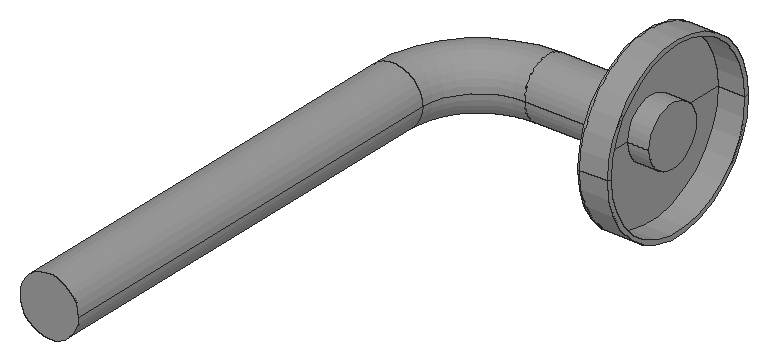
Revit family "TH 126", category Specialty Equipment, Revit 2012
Parameters
  Type Comments = "DORMA TH126"
  Model = "TH126"
  Manufacturer = "DORMA"
  Description = "DORMA TH126"
Reference planes
  plane 1 "Center (Front/Back)": y = 0
  plane 2: z = 0
  plane 3 "Center (Left/Right)": x = 0
Forms (mm)
  Revolve 1, solid, material "Matt chrome"
    sketch origin (-18.5, 0, 0) x (0, 1, 0) y (-1, 0, 0)
      loop
        line (0, 8) -> (0, 7) -> (21.536, 7) -> (21.536, 0) -> (22.536, 0) -> (22.536, 7.154)
        arc (22.536, 7.154) -> (22.288, 7.752) -> (21.69, 8) r 0.846
        line (21.69, 8) -> (0, 8)
      axis (0, 8) -> (0, 0)
    angle from 0 to 360
  Sweep 2, solid, material "Matt chrome"
    path origin (-3.325, 0, 0) x (1, 0, 0) y (0, 1, 0)
      loop
        line (-16.544, 0) -> (-48.5, 0)
        arc (-48.5, 0) -> (-64.056, -6.444) -> (-70.5, -22) r 22
        line (-70.5, -22) -> (-70.5, -132)
    profile origin (-35.847, 0, 0) x (0, -1, 0) y (0, 0, 1)
      loop
        circle (0, 0) r 7.5
Cuts and joins
  joined: Revolve 1, Sweep 2
Dimensions and locks
  aligned and locked: level to plane 2
